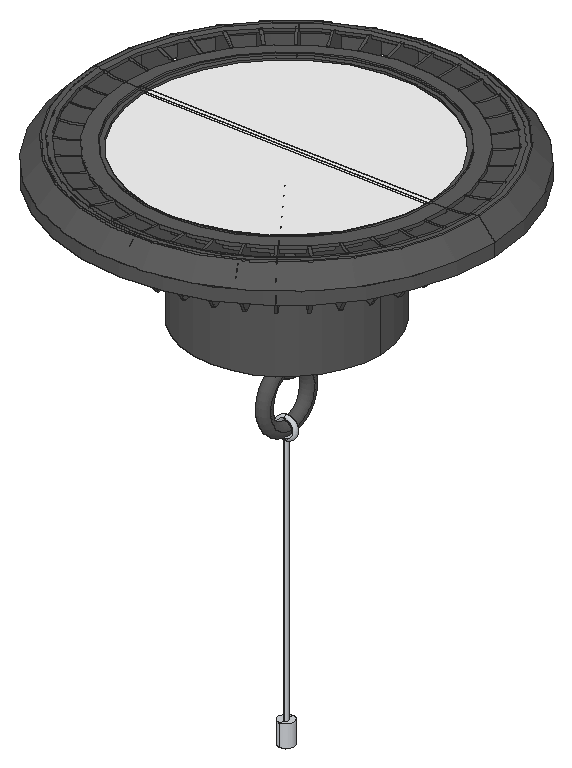
Revit family "0039350 Feilo Sylvania Lighting Fixture START HIGHBAY 6K 13KLM WIDE pendant", category Lighting Fixtures, host Face, Revit 2017
Family settings
  Host = Face
  Round Connector Dimension = Use Diameter
  Part Type = Normal
  OmniClass Number = 23.80.70.00
  OmniClass Title = Lighting
  Cut with Voids When Loaded = No
  Light Source = Yes
  Shared = No
  Room Calculation Point = No
Parameters (values of type "0039350 START HIGHBAY 6K 13KLM WIDE ")
  WidthStraight_FEILO = if(SizeS_FEILO, 3 mm, if(SizeM_FEILO, 4 mm, 4.7 mm))  # 3 mm
  WidthRingChamfer_FEILO = if(SizeS_FEILO, 10.3 mm, if(SizeM_FEILO, 11.2 mm, 12.9 mm))  # 10.3 mm
  WidthCurved_FEILO = if(SizeS_FEILO, 17.4 mm, if(SizeM_FEILO, 16.4 mm, 26.2 mm))  # 17.4 mm
  WidthCurvedRing_FEILO = if(SizeS_FEILO, 3 mm, if(SizeM_FEILO, 4 mm, 4.7 mm))  # 3 mm
  WidthBracket_FEILO = 40 mm
  Weight = "3.0 kg"
  Wattage Comments = ""
  Wattage = 100 W
  WarrantyStartDate [instance] = "n/a"
  WarrantyGuarantorParts = "n/a"
  WarrantyDurationUnit = "n/a"
  WarrantyDurationParts = "n/a"
  WarrantyDescription = "n/a"
  built-in parameter 1150110 = 1 (stored number, unit not read)
  Voltage = 230 V
  VisibilityBracket_FEILO = no
  URL = "http://www.sylvania-lighting.com"
  TypeName = "START HIGHBAY 6K 13KLM WIDE"
  Type Image = <None>
  Type Comments = "n/a"
  built-in parameter 1114217 = 1 (stored number, unit not read)
  Tilt Angle = -90.00°
  ThicknessWall_FEILO = 1.5 mm
  ThicknessBracket_FEILO = 1.5 mm
  ThicknessBracketHalf_FEILO = ThicknessBracket_FEILO / 2  # 0.75 mm
  built-in parameter 1150109 = 1 (stored number, unit not read)
  built-in parameter 1150134 = 1
  SuspensionHeight_FEILO [instance] = 350 mm
  built-in parameter 1150113 = 1 (stored number, unit not read)
  SizeS_FEILO = yes
  SizeM_FEILO = no
  SerialNumber [instance] = "n/a"
  Rib4_FEILO = if(SizeS_FEILO, 18.1 mm, if(SizeM_FEILO, 13.6 mm, 14.6 mm))  # 18.1 mm
  Rib3_FEILO = if(SizeS_FEILO, 15.3 mm, if(SizeM_FEILO, 17.6 mm, 20.2 mm))  # 15.3 mm
  Rib2_FEILO = if(SizeS_FEILO, 3.6 mm, if(SizeM_FEILO, 3.9 mm, 4.5 mm))  # 3.6 mm
  Rib1_FEILO = if(SizeS_FEILO, 15.1 mm, if(SizeM_FEILO, 16.5 mm, 19 mm))  # 15.1 mm
  RadiusDiffuser_FEILO = if(SizeS_FEILO, 95.2 mm, if(SizeM_FEILO, 105.3 mm, 120 mm))  # 95.2 mm
  RadiusArrayPost_FEILO = DriverRadius_FEILO - 6 mm  # 55.4 mm
  RHRadius3_FEILO = if(SizeS_FEILO, 6.6 mm, if(SizeM_FEILO, 7.4 mm, 8.6 mm))  # 6.6 mm
  RHRadius2_FEILO = if(SizeS_FEILO, 11 mm, if(SizeM_FEILO, 12 mm, 14 mm))  # 11 mm
  RHRadius1_FEILO = if(SizeS_FEILO, 13.6 mm, if(SizeM_FEILO, 14.9 mm, 17.7 mm))  # 13.6 mm
  RHHeight4_FEILO = if(SizeS_FEILO, 7.3 mm, if(SizeM_FEILO, 8 mm, 9.2 mm))  # 7.3 mm
  RHHeight3_FEILO = if(SizeS_FEILO, 3.6 mm, if(SizeM_FEILO, 3.7 mm, 4.6 mm))  # 3.6 mm
  RHHeight2_FEILO = if(SizeS_FEILO, 2 mm, if(SizeM_FEILO, 2.2 mm, 2.6 mm))  # 2 mm
  RHHeight1_FEILO = if(SizeS_FEILO, 11.8 mm, if(SizeM_FEILO, 15.3 mm, 17.4 mm))  # 11.8 mm
  Photometric Web File = "0039350.ies"
  Material_3_FEILO = LED-Sylvania-StartHighbay-Glow
  PowerFactor = 0.95
  PowerConsumption = "100 W"
  NominalLength = 270 mm
  NominalHeight = 170 mm
  NominalDepth = 270 mm
  Name = "START HIGHBAY 6K 13KLM WIDE"
  ModelReference = Name  # "START HIGHBAY 6K 13KLM WIDE"
  ModelNumber = "0039350"
  Model = Name  # "START HIGHBAY 6K 13KLM WIDE"
  Material = "aluminium alloy housing, polycarbonate diffuser"
  ManufacturerName = "Feilo Sylvania"
  Manufacturer = "Feilo Sylvania"
  LuminousEfficacy = "130 lm/W"
  built-in parameter 1150105 = 6918.1 (stored number, unit not read)
  Lumens = 13000 lm
  LuminaireType = ""
  built-in parameter 1150115 = 1 (stored number, unit not read)
  LightOutputRatio = "n/a"
  built-in parameter 1150137 = (empty or 0)
  built-in parameter 1150139 = (empty or 0)
  LampsType = Lamp  # "LED"
  LampNominalLuminous = "13000 lm"
  LampMacAdamStep = "n/a"
  LampColourTemperature = "6500 K"
  LampColourRenderingIndex = "80"
  built-in parameter 1150112 = 1 (stored number, unit not read)
  built-in parameter 1150114 = 1 (stored number, unit not read)
  Lamp = "LED"
  Keynote = "16500"
  InstallationDate [instance] = "n/a"
  InputVoltage = "220-240V~"
  InputNominalFrequency = "50/60 Hz"
  built-in parameter 1150132 = (empty or 0)
  built-in parameter 1150102 = (empty or 0)
  built-in parameter 1150107 = 6500 (stored number, unit not read)
  built-in parameter 1150138 = (empty or 0)
  IngressProtection = "IP65"
  ImpactProtectionIndex = "IK08"
  built-in parameter 1150106 = 69.181 (stored number, unit not read)
  IfcExportType = "IfcLightFixtureType"
  IfcExportAs = "IfcLightFixtureType"
  HeightRing_FEILO = if(SizeS_FEILO, 19.8 mm, if(SizeM_FEILO, 32 mm, 36.8 mm))  # 19.8 mm
  HeightRingChamfer_FEILO = if(SizeS_FEILO, 11.7 mm, if(SizeM_FEILO, 23.2 mm, 26.6 mm))  # 11.7 mm
  EyeThickness_FEILO = if(SizeS_FEILO, 8.4 mm, if(SizeM_FEILO, 9.2 mm, 10.5 mm))  # 8.4 mm
  EyeThicknessHalf_FEILO = EyeThickness_FEILO / 2  # 4.2 mm
  EyeInner_FEILO = if(SizeS_FEILO, 13.8 mm, if(SizeM_FEILO, 15.1 mm, 17.3 mm))  # 13.8 mm
  ExpectedLife = 50000
  Emit from Circle Diameter = RadiusDiffuser_FEILO * 2  # 190.4 mm
  Emit Shape Visible in Rendering = no
  ElectricShockClassification = "Class I"
  built-in parameter 1150104 = 12.077 (stored number, unit not read)
  DurationUnit = "hours"
  DriverVerticalStraight_FEILO = if(SizeS_FEILO, 46.5 mm, if(SizeM_FEILO, 49.7 mm, 57 mm))  # 46.5 mm
  DriverVerticalChamfer_FEILO = if(SizeS_FEILO, 7.5 mm, if(SizeM_FEILO, 8.2 mm, 9.5 mm))  # 7.5 mm
  DriverRadius_FEILO = if(SizeS_FEILO, 61.4 mm, if(SizeM_FEILO, 67.2 mm, 76.4 mm))  # 61.4 mm
  DriverRadiusTop_FEILO = if(SizeS_FEILO, 42 mm, if(SizeM_FEILO, 45.3 mm, 52.4 mm))  # 42 mm
  DriverBottom_FEILO = if(SizeS_FEILO, 56 mm, if(SizeM_FEILO, 64.5 mm, 74 mm))  # 56 mm
  DocumentationLiterature = "http://www.sylvania-lighting.com/product/en-int/products/0039350"
  DimmingControlOptions = "n/a"
  Material_2_FEILO = Diffuser-Sylvania-StartHighbay-Transparent
  Radius_FEILO = if(SizeS_FEILO, 135 mm, if(SizeM_FEILO, 148 mm, 169.5 mm))  # 135 mm
  Dimming Lamp Color Temperature Shift = <None>
  DiameterWire_FEILO = 3 mm
  DiameterWireSupport_FEILO = 10 mm
  Description = "START HIGHBAY, includes 1 m cables, black aluminium housing, 13000LM, 100W, 130lm/W, 6500K, Driver current: 2140mA, CR80, 60° beam angle, 1-10V dimmable,  IP65, IK08, 50,000 hrs (L70B50), (LxWxH) 270x270x170mm"
  Default Elevation = 1219.2 mm
  CreatedOn = "2/28/2018"
  CreatedBy = ""
  Cost = 0
  Color Filter = 16777215
  built-in parameter 1114216 [instance] = (empty or 0)
  ClassificationValue = "EF_70_80"
  ClassificationName = "Uniclass2015"
  Material_1_FEILO = Body-Sylvania-StartHighbay-Black
  BarCode [instance] = "n/a"
  built-in parameter 1114218 = 1 (stored number, unit not read)
  built-in parameter 1150133 = 10 (stored number, unit not read)
  AssetType = "Fixed"
  AssetIdentifier [instance] = "n/a"
  Assembly Code = "D5020200"
  Apparent Load = 100 VA
  Material_4_FEILO = none
Reference planes
  plane 1 "Center (Front/Back)": y = 0
  plane 2: z = 0
  plane 3 "Center (Left/Right)": x = 0
  plane 4: z = 350
  plane 5: x = -135
  plane 6: x = -124.7
  plane 7: z = 338.3
  plane 8: z = 330.2
  plane 9: x = -121.7
  plane 10: z = 347.375
  plane 11: x = -104.3
  plane 12: x = -95.2
  plane 13: x = -118.7
  plane 14: z = 348.375
  plane 15: z = 346.375
  plane 16: x = -92.2
  plane 17: z = 345.375
  plane 18: x = -133.5
  plane 19: x = -119.9
  plane 20: z = 326.6
  plane 21: x = -104.6
  plane 22: z = 308.5
  plane 23: x = -20
  plane 24: z = 294
  plane 25: x = -61.4
  plane 26: z = 247.5
  plane 27: x = -42
  plane 28: z = 240
  plane 29: x = -13.6
  plane 30: z = 228.2
  plane 31: z = 226.2
  plane 32: x = -11
  plane 33: z = 222.6
  plane 34: z = 215.3
  plane 35: x = -6.6
  plane 36: z = 201.5
  plane 37: z = 187.7
  plane 38: x = 4.2
  plane 39: x = -4.2
  plane 40: z = 179.3
  plane 41: z = 183.5
  plane 42: x = -129.1
  plane 43: x = -132.5
  plane 44: z = 328.7
  plane 45: x = -123.2
  plane 46: z = 270.75
  plane 47: y = -20
  plane 48: y = 20
  plane 49: x = 135
  plane 50: x = 124.7
  plane 51: x = 133.5
  plane 52: x = 129.1
  plane 53: x = 132.5
  plane 54: x = 123.2
  plane 55: z = 190.7
  plane 56: y = 1.5
  plane 57: y = -1.5
  plane 58: z = 189.2
  plane 59: z = 177.8
  plane 60: z = 176.3
  plane 61: y = -5
  plane 62: y = 5
  plane 63: z = 14
Forms (mm)
  Revolve 1, solid, material "Body-Sylvania-StartHighbay-Black" <- "Material_1_FEILO", detail levels medium+fine
    sketch origin (0, 0, 0) x (1, 0, 0) y (0, 0, 1)
      loop
        line (-135, 330.2) -> (-133.5, 330.2) -> (-133.5, 337.734) -> (-125.012, 347.375) -> (-118.7, 347.375) -> (-118.7, 349.16)
        arc (-118.7, 349.16) -> (-120.206, 349.56) -> (-121.7, 350) r 58.981
        line (-121.7, 350) -> (-124.241, 350)
        arc (-124.241, 350) -> (-124.657, 349.911) -> (-124.999, 349.66) r 1.015
        line (-124.999, 349.66) -> (-135, 338.3) -> (-135, 330.2)
      axis (0, 350) -> (0, 330.2)
    angle from 360 to 0
  Revolve 2, solid, material "Body-Sylvania-StartHighbay-Black" <- "Material_1_FEILO", detail levels medium+fine
    sketch origin (0, 0, 0) x (1, 0, 0) y (0, 0, 1)
      loop
        line (-104.3, 345.375) -> (-95.2, 345.375) -> (-95.2, 338.3) -> (0, 338.3) -> (0, 345.375) -> (-92.2, 345.375) -> (-92.2, 346.375) -> (-95.2, 346.375) -> (-95.2, 347.375) -> (-104.3, 347.375) -> (-104.3, 345.375)
      axis (0, 347.375) -> (0, 338.3)
    angle from 360 to 0
  Revolve 3, solid, material "Diffuser-Sylvania-StartHighbay-Transparent" <- "Material_2_FEILO", detail levels medium+fine
    sketch origin (0, 0, 0) x (1, 0, 0) y (0, 0, 1)
      loop
        line (-95.2, 346.375) -> (0, 346.375) -> (0, 348.375) -> (-95.2, 348.375) -> (-95.2, 346.375)
      axis (0, 348.375) -> (0, 346.375)
    angle from 360 to 0
  Revolve 4, solid, material "Body-Sylvania-StartHighbay-Black" <- "Material_1_FEILO"
    sketch origin (0, 0, 0) x (1, 0, 0) y (0, 0, 1)
      loop
        line (-61.4, 308.5) -> (-61.4, 247.5) -> (-42, 240) -> (-13.6, 240) -> (-13.6, 228.2) -> (-11, 226.2) -> (-11, 222.6) -> (-7.037, 216.026)
        arc (-7.037, 216.026) -> (-6.49, 215.494) -> (-5.753, 215.3) r 1.5
        line (-5.753, 215.3) -> (0, 215.3) -> (0, 308.5) -> (-61.4, 308.5)
      axis (0, 308.5) -> (0, 215.3)
    angle from 360 to 0
  Revolve 5, solid, material "Body-Sylvania-StartHighbay-Black" <- "Material_1_FEILO"
    sketch origin (0, 0, 0) x (1, 0, 0) y (0, 0, 1)
      loop
        circle (0, 183.5) r 4.2
      axis (4.2, 201.5) -> (-4.2, 201.5)
    angle from 360 to 0
  Extrusion 6, solid, material "Body-Sylvania-StartHighbay-Black" <- "Material_1_FEILO", visible <- "VisibilityBracket_FEILO"
    sketch origin (0, 0, 0) x (1, 0, 0) y (0, 0, 1)
      loop
        line (-132.5, 330.2) -> (-132.5, 328.7) -> (-125.45, 328.7)
        arc (-125.45, 328.7) -> (-124.92, 328.48) -> (-124.7, 327.95) r 0.75
        line (-124.7, 327.95) -> (-124.7, 270.75) -> (-123.2, 270.75) -> (-123.2, 328.7)
        arc (-123.2, 328.7) -> (-123.639, 329.761) -> (-124.7, 330.2) r 1.5
        line (-124.7, 330.2) -> (-132.5, 330.2)
      loop
        line (132.5, 330.2) -> (124.7, 330.2)
        arc (124.7, 330.2) -> (123.639, 329.761) -> (123.2, 328.7) r 1.5
        line (123.2, 328.7) -> (123.2, 270.75) -> (124.7, 270.75) -> (124.7, 327.95)
        arc (124.7, 327.95) -> (124.92, 328.48) -> (125.45, 328.7) r 0.75
        line (125.45, 328.7) -> (132.5, 328.7) -> (132.5, 330.2)
    from -20 to 20
  Extrusion 7, void
    sketch origin (0, 0, 0) x (0, 1, 0) y (0, 0, 1)
      loop
        arc (-10, 270.75) -> (-17.071, 273.679) -> (-20, 280.75) r 10
        line (-20, 280.75) -> (-25, 280.75) -> (-25, 265.75) -> (-10, 265.75) -> (-10, 270.75)
      loop
        line (10, 270.75) -> (10, 265.75) -> (25, 265.75) -> (25, 280.75) -> (20, 280.75)
        arc (20, 280.75) -> (17.071, 273.679) -> (10, 270.75) r 10
    from -124.7 to 124.7
  Revolve 8, solid, material "Body-Sylvania-StartHighbay-Black" <- "Material_1_FEILO", detail levels coarse
    sketch origin (0, 0, 0) x (1, 0, 0) y (0, 0, 1)
      loop
        line (0, 350) -> (-124.7, 350) -> (-135, 338.3) -> (-135, 330.2) -> (-119.9, 330.2) -> (-119.9, 326.6) -> (-104.6, 308.5) -> (0, 308.5) -> (0, 350)
      axis (0, 350) -> (0, 308.5)
    angle from 360 to 0
  Revolve 9, solid
    sketch origin (0, 0, 0) x (0, 1, 0) y (0, 0, 1)
      loop
        circle (0, 189.2) r 1.5
      axis (1.5, 183.5) -> (-1.5, 183.5)
    angle from 360 to 0
  Revolve 10, solid
    sketch origin (0, 0, 0) x (0, 1, 0) y (0, 0, 1)
      loop
        line (0, 0) -> (0, 177.8) -> (-1.5, 177.8) -> (-1.5, 14) -> (-5, 14) -> (-5, 0) -> (0, 0)
      axis (0, 0) -> (0, 177.8)
    angle from 360 to 0
Cuts and joins
  Extrusion 7 cuts Extrusion 6
Lines and regions (mm)
  reference lines
    curve 1: line (-135, 0, 338.3) -> (-124.7, 0, 350)
    curve 2: line (-104.3, 0, 347.375) -> (0, 0, 347.375)
    curve 3: arc (-104.3, 0, 347.375) -> (-113.098, 0, 348.035) -> (-121.7, 0, 350) r 58.981
    curve 4: line (-124.7, 0, 350) -> (-121.7, 0, 350)
    curve 5: line (-125.012, 0, 347.375) -> (-133.5, 0, 337.734)
    curve 6: line (-119.9, 0, 326.6) -> (-104.6, 0, 308.5)
    curve 7: line (-11, 0, 222.6) -> (-6.6, 0, 215.3)
    curve 8: circle (0, 0, 183.5) r 4.2 normal (0, -1, 0)
Dimensions and locks
  "Radius_FEILO": plane 3 "Center (Left/Right)" to plane 5
  "WidthRingChamfer_FEILO": plane 6 to plane 5
  "WidthStraight_FEILO": plane 9 to plane 6
  "WidthCurvedRing_FEILO": plane 13 to plane 9
  locked: plane 10 to plane 15 at 1
  locked: plane 14 to plane 10 at 1
  locked: plane 4 to plane 10 at 2.625
  locked: plane 15 to plane 17 at 1
  "ThicknessWall_FEILO": plane 18 to plane 5
  "ThicknessWall_FEILO": curve 5 to curve 1
  "HeightRingChamfer_FEILO": plane 4 to plane 7
  "HeightRing_FEILO": plane 4 to plane 8
  "RadiusDiffuser_FEILO": plane 3 "Center (Left/Right)" to plane 12
  locked: plane 16 to plane 12 at 3
  "WidthCurved_FEILO": plane 11 to plane 9
  "SuspensionHeight_FEILO": plane 4 to plane 2
  "Rib1_FEILO": plane 19 to plane 5
  "Rib2_FEILO": plane 8 to plane 20
  "Rib3_FEILO": plane 21 to plane 19
  "Rib4_FEILO": plane 20 to plane 22
  locked: plane 3 "Center (Left/Right)" to plane 23 at 20
  "DriverBottom_FEILO": plane 4 to plane 24
  "DriverRadius_FEILO": plane 3 "Center (Left/Right)" to plane 25
  "DriverVerticalStraight_FEILO": plane 24 to plane 26
  "DriverRadiusTop_FEILO": plane 3 "Center (Left/Right)" to plane 27
  "DriverVerticalChamfer_FEILO": plane 26 to plane 28
  "RHRadius1_FEILO": plane 3 "Center (Left/Right)" to plane 29
  "RHHeight2_FEILO": plane 30 to plane 31
  "RHRadius2_FEILO": plane 3 "Center (Left/Right)" to plane 32
  "RHHeight3_FEILO": plane 31 to plane 33
  "RHHeight4_FEILO": plane 33 to plane 34
  "RHRadius3_FEILO": plane 3 "Center (Left/Right)" to plane 35
  "RHHeight1_FEILO": plane 28 to plane 30
  "EyeInner_FEILO": plane 34 to plane 36
  "EyeInner_FEILO": plane 36 to plane 37
  equal spacing: plane 38, plane 3 "Center (Left/Right)", plane 39
  "EyeThickness_FEILO": plane 38 to plane 39
  "EyeThickness_FEILO": plane 37 to plane 40
  equal spacing: plane 37, plane 41, plane 40
  equal spacing: plane 6, plane 42, plane 18
  "ThicknessBracket_FEILO": plane 45 to plane 6
  "ThicknessBracket_FEILO": plane 8 to plane 44
  locked: plane 43 to plane 18 at 1
  equal spacing: plane 24, plane 46, plane 26
  equal spacing: plane 47, plane 1 "Center (Front/Back)", plane 48
  "WidthBracket_FEILO": plane 47 to plane 48
  "WidthRingChamfer_FEILO": plane 50 to plane 49
  "ThicknessWall_FEILO": plane 51 to plane 49
  equal spacing: plane 50, plane 52, plane 51
  "ThicknessBracket_FEILO": plane 54 to plane 50
  locked: plane 53 to plane 51 at 1
  "Radius_FEILO": plane 49 to plane 3 "Center (Left/Right)"
  equal spacing: plane 57, imposter light, plane 56
  "DiameterWire_FEILO": plane 57 to plane 56
  "DiameterWire_FEILO": plane 37 to plane 55
  equal spacing: plane 37, plane 58, plane 55
  "DiameterWire_FEILO": plane 60 to plane 40
  equal spacing: plane 60, plane 59, plane 40
  equal spacing: plane 61, plane 1 "Center (Front/Back)", plane 62
  "DiameterWireSupport_FEILO": plane 61 to plane 62
  locked: plane 63 to plane 2 at 14
  "EyeThicknessHalf_FEILO": radius of curve 8
  "ThicknessBracket_FEILO": radius of Extrusion 6 sketch curve  (x2)
  "ThicknessBracketHalf_FEILO": radius of Extrusion 6 sketch curve  (x2)
  "DiameterWire_FEILO": diameter of Revolve 9 sketch curve
  aligned and locked: plane 2 to host face
  aligned and locked: level to host face
  aligned and locked: plane 5 to curve 1
  aligned and locked: plane 6 to curve 1
  aligned and locked: plane 7 to curve 1
  aligned and locked: plane 10 to curve 2
  aligned and locked: plane 9 to curve 3
  aligned and locked: plane 4 to curve 3
  aligned and locked: plane 11 to curve 3
  aligned and locked: plane 4 to curve 4
  aligned and locked: plane 18 to curve 5
  aligned and locked: plane 10 to curve 5
  aligned and locked: Revolve 1 sketch curve to plane 3 "Center (Left/Right)"
  aligned and locked: Revolve 1 sketch curve to curve 3
  aligned and locked: Revolve 1 sketch curve to curve 1
  aligned and locked: plane 4 to Revolve 1 sketch curve
  aligned and locked: plane 9 to Revolve 1 sketch curve
  aligned and locked: Revolve 1 sketch curve to plane 13
  aligned and locked: Revolve 1 sketch curve to plane 10
  aligned and locked: plane 13 to Revolve 1 sketch curve
  aligned and locked: plane 10 to Revolve 1 sketch curve
  aligned and locked: Revolve 1 sketch curve to plane 18
  aligned and locked: Revolve 1 sketch curve to plane 8
  aligned and locked: plane 5 to Revolve 1 sketch curve  (x2)
  aligned and locked: Revolve 2 sketch curve to plane 3 "Center (Left/Right)"
  aligned and locked: plane 11 to Revolve 2 sketch curve
  aligned and locked: Revolve 2 sketch curve to curve 2
  aligned and locked: plane 15 to Revolve 2 sketch curve
  aligned and locked: Revolve 2 sketch curve to plane 16
  aligned and locked: plane 17 to Revolve 2 sketch curve  (x2)
  aligned and locked: Revolve 2 sketch curve to plane 12
  aligned and locked: plane 7 to Revolve 2 sketch curve
  aligned and locked: Revolve 3 sketch curve to plane 3 "Center (Left/Right)"
  aligned and locked: Revolve 3 sketch curve to plane 14
  aligned and locked: plane 3 "Center (Left/Right)" to Revolve 3 sketch curve
  aligned and locked: Revolve 3 sketch curve to plane 12
  aligned and locked: plane 15 to Revolve 3 sketch curve
  aligned and locked: Revolve 1 sketch curve to curve 5
  aligned and locked: plane 22 to curve 6
  aligned and locked: plane 21 to curve 6
  aligned and locked: plane 20 to curve 6
  aligned and locked: plane 19 to curve 6
  aligned and locked: plane 33 to curve 7
  aligned and locked: plane 32 to curve 7
  aligned and locked: plane 35 to curve 7
  aligned and locked: plane 34 to curve 7
  aligned and locked: Revolve 4 sketch curve to plane 3 "Center (Left/Right)"
  aligned and locked: Revolve 4 sketch curve to plane 25
  aligned and locked: plane 27 to Revolve 4 sketch curve
  aligned and locked: plane 28 to Revolve 4 sketch curve
  aligned and locked: plane 30 to Revolve 4 sketch curve
  aligned and locked: Revolve 4 sketch curve to plane 29
  aligned and locked: plane 31 to Revolve 4 sketch curve
  aligned and locked: Revolve 4 sketch curve to curve 7
  aligned and locked: Revolve 4 sketch curve to plane 32
  aligned and locked: plane 34 to Revolve 4 sketch curve
  aligned and locked: plane 3 "Center (Left/Right)" to Revolve 4 sketch curve
  aligned and locked: plane 3 "Center (Left/Right)" to curve 8
  aligned and locked: plane 41 to curve 8
  aligned and locked: Revolve 5 sketch curve to plane 36
  aligned and locked: Revolve 5 sketch curve to curve 8
  aligned and locked: plane 43 to Extrusion 6 sketch curve  (x2)
  aligned and locked: plane 8 to Extrusion 6 sketch curve  (x3)
  aligned and locked: Extrusion 6 sketch curve to plane 45
  aligned and locked: Extrusion 6 sketch curve to plane 46  (x2)
  aligned and locked: plane 6 to Extrusion 6 sketch curve
  aligned and locked: Extrusion 6 sketch curve to plane 44  (x2)
  aligned and locked: Extrusion 6 to plane 48
  aligned and locked: plane 47 to Extrusion 6
  aligned and locked: plane 53 to Extrusion 6 sketch curve
  aligned and locked: plane 50 to Extrusion 6 sketch curve
  aligned and locked: Extrusion 6 sketch curve to plane 54
  aligned and locked: Extrusion 7 sketch curve to Extrusion 7 sketch curve
  aligned and locked: Extrusion 7 to plane 6
  aligned and locked: Extrusion 7 to Extrusion 6
  aligned and locked: Revolve 4 sketch curve to plane 22
  aligned and locked: plane 23 to nested 1
  aligned and locked: plane 1 "Center (Front/Back)" to nested 1
  aligned and locked: Revolve 8 sketch curve to plane 3 "Center (Left/Right)"
  aligned and locked: Revolve 8 sketch curve to plane 4
  aligned and locked: plane 6 to Revolve 8 sketch curve
  aligned and locked: plane 4 to Revolve 8 sketch curve
  aligned and locked: plane 7 to Revolve 8 sketch curve
  aligned and locked: Revolve 8 sketch curve to plane 5
  aligned and locked: plane 8 to Revolve 8 sketch curve  (x2)
  aligned and locked: Revolve 8 sketch curve to plane 19
  aligned and locked: plane 20 to Revolve 8 sketch curve
  aligned and locked: plane 19 to Revolve 8 sketch curve
  aligned and locked: plane 21 to Revolve 8 sketch curve
  aligned and locked: plane 22 to Revolve 8 sketch curve  (x2)
  aligned and locked: Revolve 8 sketch curve to Revolve 8 sketch curve
  aligned and locked: imposter light to plane 4
  aligned and locked: plane 3 "Center (Left/Right)" to imposter light
  aligned and locked: imposter light to plane 1 "Center (Front/Back)"
  aligned and locked: Revolve 9 sketch curve to plane 41
  aligned and locked: Revolve 10 sketch curve to plane 1 "Center (Front/Back)"
  aligned and locked: plane 1 "Center (Front/Back)" to Revolve 10 sketch curve  (x2)
  aligned and locked: host face to Revolve 10 sketch curve
  aligned and locked: plane 63 to Revolve 10 sketch curve
  aligned and locked: Revolve 10 sketch curve to plane 61
  aligned and locked: Revolve 10 sketch curve to plane 57
  aligned and locked: plane 59 to Revolve 10 sketch curve
Automatic sketch dimensions
  host sketch curve to host sketch curve = 2438.4 mm  (x2)
  curve 2 to plane 3 "Center (Left/Right)" = 0 mm
  Revolve 1 sketch curve to plane 6 = 0.299 mm
  plane 6 to Revolve 1 sketch curve = 0.459 mm
  Revolve 1 sketch curve to level = 609.6 mm
  Revolve 1 sketch curve to Revolve 1 sketch curve = 2312.223 mm
  Revolve 2 sketch curve to plane 12 = 0 mm
  Revolve 2 sketch curve to plane 3 "Center (Left/Right)" = 0 mm
  Revolve 2 sketch curve to level = 609.6 mm
  Revolve 2 sketch curve to plane 4 = 2339.058 mm
  Revolve 3 sketch curve to level = 609.6 mm
  Revolve 3 sketch curve to plane 4 = 2339.058 mm
  Revolve 5 sketch curve to plane 5 = 1080 mm
  plane 38 to Revolve 5 sketch curve = 1219.2 mm
  Extrusion 7 sketch curve to plane 47 = 0 mm
  plane 46 to Extrusion 7 sketch curve = 0 mm  (x2)
  Extrusion 7 sketch curve to plane 48 = 0 mm
  plane 47 to Extrusion 7 sketch curve = 5 mm
  plane 1 "Center (Front/Back)" to Extrusion 7 sketch curve = 10 mm
  Extrusion 7 sketch curve to Extrusion 7 sketch curve = 10 mm
  plane 46 to Extrusion 7 sketch curve = 5 mm
  Extrusion 7 sketch curve to Extrusion 7 sketch curve = 5 mm
  Extrusion 7 sketch curve to plane 48 = 5 mm
  Revolve 4 sketch curve to plane 26 = 0 mm
  Revolve 4 sketch curve to plane 35 = 0.437 mm
  plane 35 to Revolve 4 sketch curve = 0.847 mm
  Revolve 4 sketch curve to plane 34 = 0.726 mm
  plane 40 to Revolve 4 sketch curve = 590.2 mm
  Revolve 4 sketch curve to plane 4 = 2339.058 mm
  Revolve 8 sketch curve to level = 609.6 mm
  Revolve 8 sketch curve to Revolve 8 sketch curve = 2386.058 mm
  Revolve 9 sketch curve to plane 1 "Center (Front/Back)" = 0 mm
  plane 58 to Revolve 9 sketch curve = 0 mm
  plane 47 to Revolve 9 sketch curve = 2534.941 mm
  Revolve 9 sketch curve to plane 48 = 2077.409 mm
  Revolve 10 sketch curve to Revolve 10 sketch curve = 609.6 mm
  Revolve 10 sketch curve to plane 4 = 2123.807 mm
Nested families
  nested 1: "Start Highbay Rib" at (0, 0, 347.375), type "Type Name", detail levels medium+fine
    with SuspensionHeight_FEILO 2.6 mm
  nested 2: "Start Highbay Rib" at (0, 0, 347.375) x (0.9877, 0.1564, 0) z (0, 0, 1), type "Type Name", detail levels medium+fine
    with SuspensionHeight_FEILO 2.6 mm
  nested 3: "Start Highbay Rib" at (0, 0, 347.375) x (0.9511, 0.309, 0) z (0, 0, 1), type "Type Name", detail levels medium+fine
    with SuspensionHeight_FEILO 2.6 mm
  nested 4: "Start Highbay Rib" at (0, 0, 347.375) x (0.891, 0.454, 0) z (0, 0, 1), type "Type Name", detail levels medium+fine
    with SuspensionHeight_FEILO 2.6 mm
  nested 5: "Start Highbay Rib" at (0, 0, 347.375) x (0.809, 0.5878, 0) z (0, 0, 1), type "Type Name", detail levels medium+fine
    with SuspensionHeight_FEILO 2.6 mm
  nested 6: "Start Highbay Rib" at (0, 0, 347.375) x (0.7071, 0.7071, 0) z (0, 0, 1), type "Type Name", detail levels medium+fine
    with SuspensionHeight_FEILO 2.6 mm
  nested 7: "Start Highbay Rib" at (0, 0, 347.375) x (0.5878, 0.809, 0) z (0, 0, 1), type "Type Name", detail levels medium+fine
    with SuspensionHeight_FEILO 2.6 mm
  nested 8: "Start Highbay Rib" at (0, 0, 347.375) x (0.454, 0.891, 0) z (0, 0, 1), type "Type Name", detail levels medium+fine
    with SuspensionHeight_FEILO 2.6 mm
  nested 9: "Start Highbay Rib" at (0, 0, 347.375) x (0.309, 0.9511, 0) z (0, 0, 1), type "Type Name", detail levels medium+fine
    with SuspensionHeight_FEILO 2.6 mm
  nested 10: "Start Highbay Rib" at (0, 0, 347.375) x (0.1564, 0.9877, 0) z (0, 0, 1), type "Type Name", detail levels medium+fine
    with SuspensionHeight_FEILO 2.6 mm
  nested 11: "Start Highbay Rib" at (0, 0, 347.375) x (0, 1, 0) z (0, 0, 1), type "Type Name", detail levels medium+fine
    with SuspensionHeight_FEILO 2.6 mm
  nested 12: "Start Highbay Rib" at (0, 0, 347.375) x (-0.1564, 0.9877, 0) z (0, 0, 1), type "Type Name", detail levels medium+fine
    with SuspensionHeight_FEILO 2.6 mm
  nested 13: "Start Highbay Rib" at (0, 0, 347.375) x (-0.309, 0.9511, 0) z (0, 0, 1), type "Type Name", detail levels medium+fine
    with SuspensionHeight_FEILO 2.6 mm
  nested 14: "Start Highbay Rib" at (0, 0, 347.375) x (-0.454, 0.891, 0) z (0, 0, 1), type "Type Name", detail levels medium+fine
    with SuspensionHeight_FEILO 2.6 mm
  nested 15: "Start Highbay Rib" at (0, 0, 347.375) x (-0.5878, 0.809, 0) z (0, 0, 1), type "Type Name", detail levels medium+fine
    with SuspensionHeight_FEILO 2.6 mm
  nested 16: "Start Highbay Rib" at (0, 0, 347.375) x (-0.7071, 0.7071, 0) z (0, 0, 1), type "Type Name", detail levels medium+fine
    with SuspensionHeight_FEILO 2.6 mm
  nested 17: "Start Highbay Rib" at (0, 0, 347.375) x (-0.809, 0.5878, 0) z (0, 0, 1), type "Type Name", detail levels medium+fine
    with SuspensionHeight_FEILO 2.6 mm
  nested 18: "Start Highbay Rib" at (0, 0, 347.375) x (-0.891, 0.454, 0) z (0, 0, 1), type "Type Name", detail levels medium+fine
    with SuspensionHeight_FEILO 2.6 mm
  nested 19: "Start Highbay Rib" at (0, 0, 347.375) x (-0.9511, 0.309, 0) z (0, 0, 1), type "Type Name", detail levels medium+fine
    with SuspensionHeight_FEILO 2.6 mm
  nested 20: "Start Highbay Rib" at (0, 0, 347.375) x (-0.9877, 0.1564, 0) z (0, 0, 1), type "Type Name", detail levels medium+fine
    with SuspensionHeight_FEILO 2.6 mm
  nested 21: "Start Highbay Rib" at (0, 0, 347.375) x (-1, 0, 0) z (0, 0, 1), type "Type Name", detail levels medium+fine
    with SuspensionHeight_FEILO 2.6 mm
  nested 22: "Start Highbay Rib" at (0, 0, 347.375) x (-0.9877, -0.1564, 0) z (0, 0, 1), type "Type Name", detail levels medium+fine
    with SuspensionHeight_FEILO 2.6 mm
  nested 23: "Start Highbay Rib" at (0, 0, 347.375) x (-0.9511, -0.309, 0) z (0, 0, 1), type "Type Name", detail levels medium+fine
    with SuspensionHeight_FEILO 2.6 mm
  nested 24: "Start Highbay Rib" at (0, 0, 347.375) x (-0.891, -0.454, 0) z (0, 0, 1), type "Type Name", detail levels medium+fine
    with SuspensionHeight_FEILO 2.6 mm
  nested 25: "Start Highbay Rib" at (0, 0, 347.375) x (-0.809, -0.5878, 0) z (0, 0, 1), type "Type Name", detail levels medium+fine
    with SuspensionHeight_FEILO 2.6 mm
  nested 26: "Start Highbay Rib" at (0, 0, 347.375) x (-0.7071, -0.7071, 0) z (0, 0, 1), type "Type Name", detail levels medium+fine
    with SuspensionHeight_FEILO 2.6 mm
  nested 27: "Start Highbay Rib" at (0, 0, 347.375) x (-0.5878, -0.809, 0) z (0, 0, 1), type "Type Name", detail levels medium+fine
    with SuspensionHeight_FEILO 2.6 mm
  nested 28: "Start Highbay Rib" at (0, 0, 347.375) x (-0.454, -0.891, 0) z (0, 0, 1), type "Type Name", detail levels medium+fine
    with SuspensionHeight_FEILO 2.6 mm
  nested 29: "Start Highbay Rib" at (0, 0, 347.375) x (-0.309, -0.9511, 0) z (0, 0, 1), type "Type Name", detail levels medium+fine
    with SuspensionHeight_FEILO 2.6 mm
  nested 30: "Start Highbay Rib" at (0, 0, 347.375) x (-0.1564, -0.9877, 0) z (0, 0, 1), type "Type Name", detail levels medium+fine
    with SuspensionHeight_FEILO 2.6 mm
  nested 31: "Start Highbay Rib" at (0, 0, 347.375) x (0, -1, 0) z (0, 0, 1), type "Type Name", detail levels medium+fine
    with SuspensionHeight_FEILO 2.6 mm
  nested 32: "Start Highbay Rib" at (0, 0, 347.375) x (0.1564, -0.9877, 0) z (0, 0, 1), type "Type Name", detail levels medium+fine
    with SuspensionHeight_FEILO 2.6 mm
  nested 33: "Start Highbay Rib" at (0, 0, 347.375) x (0.309, -0.9511, 0) z (0, 0, 1), type "Type Name", detail levels medium+fine
    with SuspensionHeight_FEILO 2.6 mm
  nested 34: "Start Highbay Rib" at (0, 0, 347.375) x (0.454, -0.891, 0) z (0, 0, 1), type "Type Name", detail levels medium+fine
    with SuspensionHeight_FEILO 2.6 mm
  nested 35: "Start Highbay Rib" at (0, 0, 347.375) x (0.5878, -0.809, 0) z (0, 0, 1), type "Type Name", detail levels medium+fine
    with SuspensionHeight_FEILO 2.6 mm
  nested 36: "Start Highbay Rib" at (0, 0, 347.375) x (0.7071, -0.7071, 0) z (0, 0, 1), type "Type Name", detail levels medium+fine
    with SuspensionHeight_FEILO 2.6 mm
  nested 37: "Start Highbay Rib" at (0, 0, 347.375) x (0.809, -0.5878, 0) z (0, 0, 1), type "Type Name", detail levels medium+fine
    with SuspensionHeight_FEILO 2.6 mm
  nested 38: "Start Highbay Rib" at (0, 0, 347.375) x (0.891, -0.454, 0) z (0, 0, 1), type "Type Name", detail levels medium+fine
    with SuspensionHeight_FEILO 2.6 mm
  nested 39: "Start Highbay Rib" at (0, 0, 347.375) x (0.9511, -0.309, 0) z (0, 0, 1), type "Type Name", detail levels medium+fine
    with SuspensionHeight_FEILO 2.6 mm
  nested 40: "Start Highbay Rib" at (0, 0, 347.375) x (0.9877, -0.1564, 0) z (0, 0, 1), type "Type Name", detail levels medium+fine
    with SuspensionHeight_FEILO 2.6 mm
Connectors
  electrical at (0, 0, 0), driven by "Apparent Load", driven by "PowerFactor", driven by "Voltage"
    settings: index 1, voltage 230 V, apparent load 100 VA, apparent load phase1 0 VA, apparent load phase2 0 VA, apparent load phase3 0 VA, power factor 0.95, load classification "Lighting", number of poles 1, system type 30, power factor state 1, is connector primary yes, connector utility no, sub classification motor no, connector description ""
Definition of nested family "Start Highbay Rib"
  Parameters (values of type "Type Name")
    WidthStraight_FEILO = if(SizeS_FEILO, 3 mm, if(SizeM_FEILO, 4 mm, 4.7 mm))  # 3 mm
    WidthRingChamfer_FEILO = if(SizeS_FEILO, 10.3 mm, if(SizeM_FEILO, 11.2 mm, 12.9 mm))  # 10.3 mm
    WidthCurved_FEILO = if(SizeS_FEILO, 17.4 mm, if(SizeM_FEILO, 16.4 mm, 26.2 mm))  # 17.4 mm
    WidthCurvedRing_FEILO = if(SizeS_FEILO, 3 mm, if(SizeM_FEILO, 4 mm, 4.7 mm))  # 3 mm
    WidthBracket_FEILO = 40 mm
    URL = "http://www.feilosylvania.com"
    Type Image = (empty or 0)
    Type Comments = "n/a"
    ThicknessWall_FEILO = 1.5 mm
    ThicknessBracket_FEILO = 1.5 mm
    ThicknessBracketHalf_FEILO = ThicknessBracket_FEILO / 2  # 0.75 mm
    SuspensionHeight_FEILO [instance] = 2.6 mm
    SizeS_FEILO = yes
    SizeM_FEILO = no
    Rib4_FEILO = if(SizeS_FEILO, 18.1 mm, if(SizeM_FEILO, 13.6 mm, 14.6 mm))  # 18.1 mm
    Rib3_FEILO = if(SizeS_FEILO, 15.3 mm, if(SizeM_FEILO, 17.6 mm, 20.2 mm))  # 15.3 mm
    Rib2_FEILO = if(SizeS_FEILO, 3.6 mm, if(SizeM_FEILO, 3.9 mm, 4.5 mm))  # 3.6 mm
    Rib1_FEILO = if(SizeS_FEILO, 15.1 mm, if(SizeM_FEILO, 16.5 mm, 19 mm))  # 15.1 mm
    RadiusRib_FEILO = 2 mm
    RadiusDiffuser_FEILO = if(SizeS_FEILO, 95.2 mm, if(SizeM_FEILO, 105.3 mm, 120 mm))  # 95.2 mm
    RHRadius3_FEILO = if(SizeS_FEILO, 6.6 mm, if(SizeM_FEILO, 7.4 mm, 8.6 mm))  # 6.6 mm
    RHRadius2_FEILO = if(SizeS_FEILO, 11 mm, if(SizeM_FEILO, 12 mm, 14 mm))  # 11 mm
    RHRadius1_FEILO = if(SizeS_FEILO, 13.6 mm, if(SizeM_FEILO, 14.9 mm, 17.7 mm))  # 13.6 mm
    RHHeight4_FEILO = if(SizeS_FEILO, 7.3 mm, if(SizeM_FEILO, 8 mm, 9.2 mm))  # 7.3 mm
    RHHeight3_FEILO = if(SizeS_FEILO, 3.6 mm, if(SizeM_FEILO, 3.7 mm, 4.6 mm))  # 3.6 mm
    RHHeight2_FEILO = if(SizeS_FEILO, 2 mm, if(SizeM_FEILO, 2.2 mm, 2.6 mm))  # 2 mm
    RHHeight1_FEILO = if(SizeS_FEILO, 11.8 mm, if(SizeM_FEILO, 15.3 mm, 17.4 mm))  # 11.8 mm
    Material_3_FEILO = none
    Model = ""
    Manufacturer = "Feilo Sylvania"
    Keynote = "16500"
    HeightRing_FEILO = if(SizeS_FEILO, 19.8 mm, if(SizeM_FEILO, 32 mm, 36.8 mm))  # 19.8 mm
    HeightRingChamfer_FEILO = if(SizeS_FEILO, 11.7 mm, if(SizeM_FEILO, 23.2 mm, 26.6 mm))  # 11.7 mm
    EyeThickness_FEILO = if(SizeS_FEILO, 8.4 mm, if(SizeM_FEILO, 9.2 mm, 10.5 mm))  # 8.4 mm
    EyeThicknessHalf_FEILO = EyeThickness_FEILO / 2  # 4.2 mm
    EyeInner_FEILO = if(SizeS_FEILO, 13.8 mm, if(SizeM_FEILO, 15.1 mm, 17.3 mm))  # 13.8 mm
    DriverVerticalStraight_FEILO = if(SizeS_FEILO, 46.5 mm, if(SizeM_FEILO, 49.7 mm, 57 mm))  # 46.5 mm
    DriverVerticalChamfer_FEILO = if(SizeS_FEILO, 7.5 mm, if(SizeM_FEILO, 8.2 mm, 9.5 mm))  # 7.5 mm
    DriverRadius_FEILO = if(SizeS_FEILO, 61.4 mm, if(SizeM_FEILO, 67.2 mm, 76.4 mm))  # 61.4 mm
    DriverRadiusTop_FEILO = if(SizeS_FEILO, 42 mm, if(SizeM_FEILO, 45.3 mm, 52.4 mm))  # 42 mm
    DriverBottom_FEILO = if(SizeS_FEILO, 56 mm, if(SizeM_FEILO, 64.5 mm, 74 mm))  # 56 mm
    Material_2_FEILO = none
    Radius_FEILO = if(SizeS_FEILO, 135 mm, if(SizeM_FEILO, 148 mm, 169.5 mm))  # 135 mm
    Description = ""
    Default Elevation = 1219.2 mm
    Cost = 0
    Material_1_FEILO = none
    Assembly Code = "D5020200"
    Material_4_FEILO = none
  Reference planes
    plane 1 "Center (Front/Back)": y = 0
    plane 2: z = 0
    plane 3 "Center (Left/Right)": x = 0
    plane 4: z = 2.6
    plane 5: x = -135
    plane 6: x = -124.7
    plane 7: z = -9.1
    plane 8: z = -17.2
    plane 9: x = -121.7
    plane 10: z = -0.025
    plane 11: x = -104.3
    plane 12: x = -95.2
    plane 13: x = -118.7
    plane 14: z = 0.975
    plane 15: z = -1.025
    plane 16: x = -92.2
    plane 17: z = -2.025
    plane 18: x = -133.5
    plane 19: x = -119.9
    plane 20: z = -20.8
    plane 21: x = -104.6
    plane 22: z = -38.9
    plane 23: x = -20
    plane 24: z = -53.4
    plane 25: x = -61.4
    plane 26: z = -99.9
    plane 27: x = -42
    plane 28: z = -107.4
    plane 29: x = -13.6
    plane 30: z = -119.2
    plane 31: z = -121.2
    plane 32: x = -11
    plane 33: z = -124.8
    plane 34: z = -132.1
    plane 35: x = -6.6
    plane 36: z = -145.9
    plane 37: z = -159.7
    plane 38: x = 4.2
    plane 39: x = -4.2
    plane 40: z = -168.1
    plane 41: z = -163.9
    plane 42: x = -129.1
    plane 43: x = -132.5
    plane 44: z = -18.7
    plane 45: x = -123.2
    plane 46: z = -76.65
    plane 47: y = -20
    plane 48: y = 20
    plane 49: x = 135
    plane 50: x = 124.7
    plane 51: x = 133.5
    plane 52: x = 129.1
    plane 53: x = 132.5
    plane 54: x = 123.2
    plane 55: y = 0.75
    plane 56: y = -0.75
  Forms (mm)
    Extrusion 1, solid
      sketch origin (4.2, 0, 0) x (1, 0, 0) y (0, 1, 0)
        loop
          line (-1219.2, 1219.2) -> (-1219.2, -1219.2) -> (1219.2, -1219.2) -> (1219.2, 1219.2) -> (-1219.2, 1219.2)
      from 0 to -68.017
    Extrusion 2, solid, material <- "Material_1_FEILO"
      sketch origin (0, 0, 0) x (1, 0, 0) y (0, 0, 1)
        loop
          arc (-104.3, -0.025) -> (-111.555, 0.423) -> (-118.7, 1.76) r 58.981
          line (-118.7, 1.76) -> (-118.7, -0.025) -> (-125.012, -0.025) -> (-133.5, -9.666) -> (-133.5, -17.2) -> (-119.9, -17.2) -> (-119.9, -20.068)
          arc (-119.9, -20.068) -> (-119.778, -20.755) -> (-119.427, -21.359) r 2
          line (-119.427, -21.359) -> (-104.966, -38.467)
          arc (-104.966, -38.467) -> (-104.381, -38.789) -> (-103.723, -38.9) r 2
          line (-103.723, -38.9) -> (-20, -38.9) -> (-20, -9.1) -> (-95.2, -9.1) -> (-95.2, -2.025) -> (-104.3, -2.025) -> (-104.3, -0.025)
      from -0.75 to 0.75
  Lines and regions (mm)
    reference lines
      curve 1: line (-135, 0, -9.1) -> (-124.7, 0, 2.6)
      curve 2: line (-104.3, 0, -0.025) -> (0, 0, -0.025)
      curve 3: arc (-104.3, 0, -0.025) -> (-113.098, 0, 0.635) -> (-121.7, 0, 2.6) r 58.981
      curve 4: line (-124.7, 0, 2.6) -> (-121.7, 0, 2.6)
      curve 5: line (-125.012, 0, -0.025) -> (-133.5, 0, -9.666)
      curve 6: line (-119.9, 0, -20.8) -> (-104.6, 0, -38.9)
  Dimensions and locks
    "Radius_FEILO": plane 3 "Center (Left/Right)" to plane 5
    "WidthRingChamfer_FEILO": plane 6 to plane 5
    "WidthStraight_FEILO": plane 9 to plane 6
    "WidthCurvedRing_FEILO": plane 13 to plane 9
    locked: plane 10 to plane 15 at 1
    locked: plane 14 to plane 10 at 1
    locked: plane 4 to plane 10 at 2.625
    locked: plane 15 to plane 17 at 1
    "ThicknessWall_FEILO": plane 18 to plane 5
    "ThicknessWall_FEILO": curve 5 to curve 1
    "HeightRingChamfer_FEILO": plane 4 to plane 7
    "HeightRing_FEILO": plane 4 to plane 8
    "RadiusDiffuser_FEILO": plane 3 "Center (Left/Right)" to plane 12
    locked: plane 16 to plane 12 at 3
    "WidthCurved_FEILO": plane 11 to plane 9
    "SuspensionHeight_FEILO": plane 4 to plane 2
    "Rib1_FEILO": plane 19 to plane 5
    "Rib2_FEILO": plane 8 to plane 20
    "Rib3_FEILO": plane 21 to plane 19
    "Rib4_FEILO": plane 20 to plane 22
    locked: plane 3 "Center (Left/Right)" to plane 23 at 20
    "DriverBottom_FEILO": plane 4 to plane 24
    "DriverRadius_FEILO": plane 3 "Center (Left/Right)" to plane 25
    "DriverVerticalStraight_FEILO": plane 24 to plane 26
    "DriverRadiusTop_FEILO": plane 3 "Center (Left/Right)" to plane 27
    "DriverVerticalChamfer_FEILO": plane 26 to plane 28
    "RHRadius1_FEILO": plane 3 "Center (Left/Right)" to plane 29
    "RHHeight2_FEILO": plane 30 to plane 31
    "RHRadius2_FEILO": plane 3 "Center (Left/Right)" to plane 32
    "RHHeight3_FEILO": plane 31 to plane 33
    "RHHeight4_FEILO": plane 33 to plane 34
    "RHRadius3_FEILO": plane 3 "Center (Left/Right)" to plane 35
    "RHHeight1_FEILO": plane 28 to plane 30
    "EyeInner_FEILO": plane 34 to plane 36
    "EyeInner_FEILO": plane 36 to plane 37
    equal spacing: plane 38, plane 3 "Center (Left/Right)", plane 39
    "EyeThickness_FEILO": plane 38 to plane 39
    "EyeThickness_FEILO": plane 37 to plane 40
    equal spacing: plane 37, plane 41, plane 40
    equal spacing: plane 6, plane 42, plane 18
    "ThicknessBracket_FEILO": plane 45 to plane 6
    "ThicknessBracket_FEILO": plane 8 to plane 44
    locked: plane 43 to plane 18 at 1
    equal spacing: plane 24, plane 46, plane 26
    equal spacing: plane 47, plane 1 "Center (Front/Back)", plane 48
    "WidthBracket_FEILO": plane 47 to plane 48
    "WidthRingChamfer_FEILO": plane 50 to plane 49
    "ThicknessWall_FEILO": plane 51 to plane 49
    equal spacing: plane 50, plane 52, plane 51
    "ThicknessBracket_FEILO": plane 54 to plane 50
    locked: plane 53 to plane 51 at 1
    "Radius_FEILO": plane 49 to plane 3 "Center (Left/Right)"
    equal spacing: plane 56, plane 1 "Center (Front/Back)", plane 55
    "ThicknessWall_FEILO": plane 56 to plane 55
    "RadiusRib_FEILO": radius of Extrusion 2 sketch curve  (x2)
    aligned and locked: plane 2 to Extrusion 1
    aligned and locked: level to Extrusion 1
    aligned and locked: plane 5 to curve 1
    aligned and locked: plane 6 to curve 1
    aligned and locked: plane 7 to curve 1
    aligned and locked: plane 10 to curve 2
    aligned and locked: plane 9 to curve 3
    aligned and locked: plane 4 to curve 3
    aligned and locked: plane 11 to curve 3
    aligned and locked: plane 4 to curve 4
    aligned and locked: plane 18 to curve 5
    aligned and locked: plane 10 to curve 5
    aligned and locked: plane 22 to curve 6
    aligned and locked: plane 21 to curve 6
    aligned and locked: plane 20 to curve 6
    aligned and locked: plane 19 to curve 6
    aligned and locked: Extrusion 2 sketch curve to plane 23
    aligned and locked: Extrusion 2 sketch curve to plane 22
    aligned and locked: Extrusion 2 sketch curve to curve 6
    aligned and locked: plane 19 to Extrusion 2 sketch curve
    aligned and locked: Extrusion 2 sketch curve to plane 8
    aligned and locked: Extrusion 2 sketch curve to curve 5
    aligned and locked: Extrusion 2 sketch curve to curve 3
    aligned and locked: Extrusion 2 to plane 55
    aligned and locked: plane 56 to Extrusion 2
    aligned and locked: curve 6 to Extrusion 2 sketch curve
  Automatic sketch dimensions
    Extrusion 1 sketch curve to Extrusion 1 sketch curve = 2438.4 mm  (x2)
    curve 2 to plane 3 "Center (Left/Right)" = 0 mm
    Extrusion 2 sketch curve to plane 18 = 0 mm
    Extrusion 2 sketch curve to plane 10 = 0 mm
    Extrusion 2 sketch curve to plane 13 = 0 mm
    Extrusion 2 sketch curve to plane 7 = 0 mm
    Extrusion 2 sketch curve to plane 12 = 0 mm
    Extrusion 2 sketch curve to plane 17 = 0 mm
    plane 19 to Extrusion 2 sketch curve = 0.473 mm
    Extrusion 2 sketch curve to plane 21 = 0.366 mm
